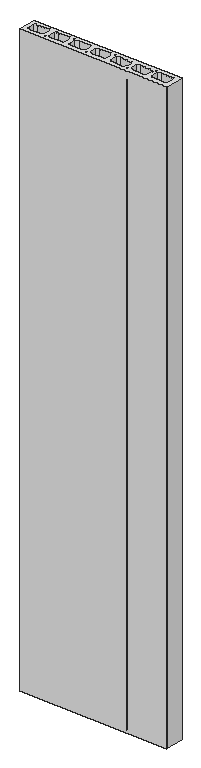
Revit family "ECP_MNLK-6050S6K", category Generic Models, Revit 2022
Family settings
  Can host rebar = No
  Round Connector Dimension = Use Diameter
  Part Type = Normal
  Work Plane-Based = No
  Always vertical = Yes
  Cut with Voids When Loaded = Yes
  Maintain Annotation Orientation = No
  Shared = No
  Room Calculation Point = No
Parameters (values of type "ECP_MNLK-6050S6K")
  長さ [instance] = 2000 mm
  穴表示 = yes
  材質 = 40Msr_ECP
  Default Elevation = 0 mm
  既存長さ = 510 mm
  幅 [instance] = 500 mm
  固定寸法 = 500 mm
  厚さ = 60 mm
  メースカット非表示 = yes
  メースカット [instance] = 既存長さ - 幅 - 10 mm  # 0 mm
  オースカット非表示 = no
  オースカット = 0 mm
Reference planes
  plane 1 "中心(正面/背面)": y = 0
  plane 2: z = 0
  plane 3 "中心(左/右)": x = 0
  plane 4: y = -30
  plane 5: y = 30
  plane 6: z = 2000
  plane 7: x = 500
Forms (mm)
  Extrusion 1, solid, material "40Msr_ECP" <- "材質", detail levels fine
    sketch origin (0, 0, 0) x (1, 0, 0) y (0, 1, 0)
      loop
        line (0, -28) -> (2, -30) -> (498, -30) -> (500, -28) -> (500, 28) -> (498, 30) -> (2, 30) -> (0, 28) -> (0, -28)
    from 0 to 2000
  Extrusion 2, void
    sketch origin (-50, 0, 0) x (1, 0, 0) y (0, 1, 0)
      loop
        line (550, -30) -> (560, -30) -> (560, 30) -> (550, 30) -> (550, -30)
    from 0 to 2000
  Extrusion 3, void
    sketch origin (-617, 0, 0) x (1, 0, 0) y (0, 1, 0)
      loop
        line (638.75, -17) -> (678.25, -17) -> (686.25, -9) -> (686.25, 9)
        arc (686.25, 9) -> (683.907, 14.657) -> (678.25, 17) r 8
        line (678.25, 17) -> (638.75, 17)
        arc (638.75, 17) -> (633.093, 14.657) -> (630.75, 9) r 8
        line (630.75, 9) -> (630.75, -9)
        arc (630.75, -9) -> (633.093, -14.657) -> (638.75, -17) r 8
      loop
        line (708.25, -17) -> (747.75, -17)
        arc (747.75, -17) -> (753.407, -14.657) -> (755.75, -9) r 8
        line (755.75, -9) -> (755.75, 9) -> (747.75, 17) -> (708.25, 17)
        arc (708.25, 17) -> (702.593, 14.657) -> (700.25, 9) r 8
        line (700.25, 9) -> (700.25, -9) -> (708.25, -17)
      loop
        line (777.75, -17) -> (817.25, -17) -> (825.25, -9) -> (825.25, 9)
        arc (825.25, 9) -> (822.907, 14.657) -> (817.25, 17) r 8
        line (817.25, 17) -> (777.75, 17) -> (769.75, 9) -> (769.75, -9)
        arc (769.75, -9) -> (772.093, -14.657) -> (777.75, -17) r 8
      loop
        line (847.25, -17) -> (886.75, -17)
        arc (886.75, -17) -> (892.407, -14.657) -> (894.75, -9) r 8
        line (894.75, -9) -> (894.75, 9) -> (886.75, 17) -> (847.25, 17)
        arc (847.25, 17) -> (841.593, 14.657) -> (839.25, 9) r 8
        line (839.25, 9) -> (839.25, -9) -> (847.25, -17)
      loop
        line (916.75, 17) -> (908.75, 9) -> (908.75, -9)
        arc (908.75, -9) -> (911.093, -14.657) -> (916.75, -17) r 8
        line (916.75, -17) -> (956.25, -17) -> (964.25, -9) -> (964.25, 9)
        arc (964.25, 9) -> (961.907, 14.657) -> (956.25, 17) r 8
        line (956.25, 17) -> (916.75, 17)
      loop
        arc (986.25, 17) -> (980.593, 14.657) -> (978.25, 9) r 8
        line (978.25, 9) -> (978.25, -9) -> (986.25, -17) -> (1025.75, -17)
        arc (1025.75, -17) -> (1031.407, -14.657) -> (1033.75, -9) r 8
        line (1033.75, -9) -> (1033.75, 9) -> (1025.75, 17) -> (986.25, 17)
      loop
        circle (693.25, -17) r 1.3
      loop
        circle (762.75, 17) r 1.3
      loop
        circle (832.25, -17) r 1.3
      loop
        circle (901.75, 17) r 1.3
      loop
        circle (971.25, -17) r 1.3
      loop
        circle (1040.75, 17) r 1.3
      loop
        line (1055.75, 17) -> (1047.75, 9) -> (1047.75, -9)
        arc (1047.75, -9) -> (1050.093, -14.657) -> (1055.75, -17) r 8
        line (1055.75, -17) -> (1095.25, -17)
        arc (1095.25, -17) -> (1100.907, -14.657) -> (1103.25, -9) r 8
        line (1103.25, -9) -> (1103.25, 9)
        arc (1103.25, 9) -> (1100.907, 14.657) -> (1095.25, 17) r 8
        line (1095.25, 17) -> (1055.75, 17)
    from 0 to 2000
Cuts and joins
  Extrusion 2, Extrusion 3 cuts Extrusion 1
Lines and regions (mm)
  symbolic lines, style "ECPパネル", detail levels coarse+medium
    curve 1: line (0, 30, 0) -> (500, 30, 0)
    curve 2: line (0, -30, 0) -> (0, 30, 0)
    curve 3: line (500, -30, 0) -> (0, -30, 0)
    curve 4: line (500, 30, 0) -> (500, -30, 0)
    curve 5: line (0, 0, 0) -> (500, 0, 0)
    curve 6: line (0, 0, 2000) -> (0, 0, 0)
    curve 7: line (500, 0, 2000) -> (0, 0, 2000)
    curve 8: line (500, 0, 0) -> (500, 0, 2000)
    curve 9: line (0, -30, 2000) -> (0, 30, 2000)
    curve 10: line (0, -30, 0) -> (0, -30, 2000)
    curve 11: line (0, 30, 0) -> (0, -30, 0)
    curve 12: line (0, 30, 2000) -> (0, 30, 0)
  model lines, detail levels coarse+medium
    curve 13: line (0, 8, 0) -> (0, -8, 0)
Dimensions and locks
  "厚さ": plane 4 to plane 5
  "長さ": plane 6 to level
  equal spacing: plane 4, plane 1 "中心(正面/背面)", plane 5
  "既存長さ": plane 3 "中心(左/右)" to Extrusion 2
  "既存長さ": plane 3 "中心(左/右)" to Extrusion 2 sketch curve
  "長さ": cut or joined group of Extrusion 1, Extrusion 2, Extrusion 3 to level
  "長さ": Extrusion 2 to level
  "幅": cut or joined group of Extrusion 1, Extrusion 2, Extrusion 3 to curve 8
  "長さ": level to Extrusion 3
  "幅": plane 3 "中心(左/右)" to plane 7
  "メースカット": Extrusion 2 sketch curve to cut or joined group of Extrusion 1, Extrusion 2, Extrusion 3
  "固定寸法": plane 3 "中心(左/右)" to cut or joined group of Extrusion 1, Extrusion 2, Extrusion 3
  aligned and locked: level to plane 2
Automatic sketch dimensions
  curve 11 to level = 0 mm
  curve 11 to plane 4 = 0 mm
  curve 11 to plane 5 = 0 mm
  curve 10 to plane 6 = 0 mm
  curve 7 to plane 3 "中心(左/右)" = 0 mm
  curve 7 to plane 6 = 0 mm
  curve 8 to level = 0 mm
  plane 5 to Extrusion 1 sketch curve = 0 mm
  plane 4 to Extrusion 1 sketch curve = 0 mm
  plane 3 "中心(左/右)" to Extrusion 1 sketch curve = 2 mm  (x2)
  Extrusion 1 sketch curve to Extrusion 1 sketch curve = 2 mm
  Extrusion 1 sketch curve to plane 4 = 2 mm  (x2)
  plane 5 to Extrusion 1 sketch curve = 2 mm  (x2)
  Extrusion 1 sketch curve to plane 3 "中心(左/右)" = 0 mm
  Extrusion 1 sketch curve to Extrusion 1 sketch curve = 496 mm
  Extrusion 1 sketch curve to Extrusion 1 sketch curve = 0 mm
  plane 3 "中心(左/右)" to Extrusion 3 sketch curve = 13.75 mm
  Extrusion 3 sketch curve to Extrusion 3 sketch curve = 8 mm  (x27)
  Extrusion 3 sketch curve to plane 1 "中心(正面/背面)" = 9 mm  (x9)
  Extrusion 3 sketch curve to Extrusion 3 sketch curve = 39.5 mm  (x7)
  Extrusion 3 sketch curve to Extrusion 3 sketch curve = 0 mm  (x5)
  Extrusion 3 sketch curve to Extrusion 3 sketch curve = 7 mm  (x11)
  plane 1 "中心(正面/背面)" to Extrusion 3 sketch curve = 9 mm  (x8)
  Extrusion 3 sketch curve to plane 4 = 13 mm  (x7)
  plane 5 to Extrusion 3 sketch curve = 13 mm  (x4)
  Extrusion 3 sketch curve to Extrusion 3 sketch curve = 14 mm
  curve 1 to plane 3 "中心(左/右)" = 0 mm
  curve 13 to plane 3 "中心(左/右)" = 0 mm
  plane 4 to curve 4 = 0 mm
  curve 4 to plane 7 = 0 mm
  plane 5 to curve 1 = 0 mm
  plane 1 "中心(正面/背面)" to curve 13 = 8 mm
  curve 13 to plane 1 "中心(正面/背面)" = 8 mm
  plane 4 to Extrusion 2 sketch curve = 0 mm
  plane 5 to Extrusion 2 sketch curve = 0 mm
  radius of Extrusion 3 sketch curve = 1.3 mm  (x6)
